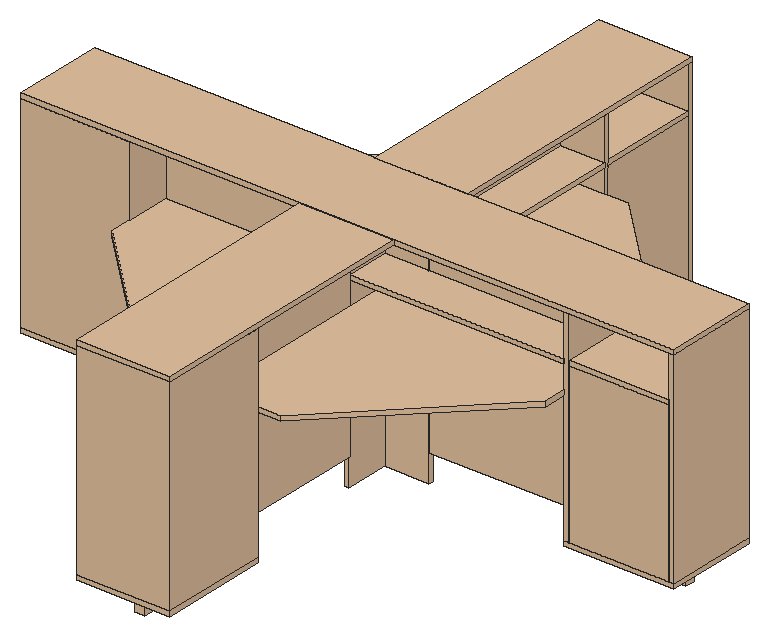
Revit family
Parameters
  Material of Carrel = Carrel Material
  Height = 1000 mm
  Height-Table = 700 mm
  Width = 400 mm
  Length = 930 mm
Reference planes
  plane 1 "Light Source Axis (F/B)": y = -375.68
  plane 2: z = 0
  plane 3 "Light Source Axis (L/R)": x = -1112.88
  plane 4 "Light Source Elevation": z = 900
  plane 5 "Center(Left/Right)": x = -372.88
  plane 6 "Center(Front/Back)": y = -275.68
  plane 7: x = -172.88
  plane 8: x = -572.88
  plane 9: y = -75.68
  plane 10: y = -475.68
  plane 11: y = 1124.32
  plane 12: y = -1675.68
  plane 13: x = -1772.88
  plane 14: x = 1027.12
  plane 15: z = 1000
  plane 16: z = 700
  plane 17: x = -1302.88
  plane 18: x = 557.12
  plane 19: y = 654.32
  plane 20: y = -1205.68
Forms (mm)
  Extrusion 1, solid, material "Carrel Material" <- "Material of Carrel"
    sketch origin (0, 0, 0) x (1, 0, 0) y (0, 1, 0)
      loop
        line (-1772.88, -75.68) -> (-1772.88, -475.68) -> (1027.12, -475.68) -> (1027.12, -75.68) -> (-1772.88, -75.68)
    from 1000 to 1020
  Extrusion 2, solid, material "Carrel Material" <- "Material of Carrel"
    sketch origin (0, 0, 0) x (1, 0, 0) y (0, 1, 0)
      loop
        line (-572.88, 1124.32) -> (-572.88, -75.68) -> (-172.88, -75.68) -> (-172.88, 1124.32) -> (-572.88, 1124.32)
      loop
        line (-572.88, -475.68) -> (-572.88, -1675.68) -> (-172.88, -1675.68) -> (-172.88, -475.68) -> (-572.88, -475.68)
    from 1000 to 1020
  Extrusion 3, solid, material "Carrel Material" <- "Material of Carrel"
    sketch origin (0, 0, 0) x (1, 0, 0) y (0, 1, 0)
      loop
        line (-572.88, -1675.68) -> (-172.88, -1675.68) -> (-172.88, -1205.68) -> (-362.88, -1205.68) -> (-362.88, -475.68) -> (-382.88, -475.68) -> (-382.88, -1205.68) -> (-572.88, -1205.68) -> (-572.88, -1225.68) -> (-192.88, -1225.68) -> (-192.88, -1655.68) -> (-572.88, -1655.68) -> (-572.88, -1675.68)
      loop
        line (-1772.88, -75.68) -> (-1772.88, -475.68) -> (-1302.88, -475.68) -> (-1302.88, -285.68) -> (-572.88, -285.68) -> (-572.88, -265.68) -> (-1302.88, -265.68) -> (-1302.88, -75.68) -> (-1322.88, -75.68) -> (-1322.88, -455.68) -> (-1752.88, -455.68) -> (-1752.88, -75.68) -> (-1772.88, -75.68)
      loop
        line (-172.88, 1124.32) -> (-572.88, 1124.32) -> (-572.88, 654.32) -> (-382.88, 654.32) -> (-382.88, -75.68) -> (-362.88, -75.68) -> (-362.88, 654.32) -> (-172.88, 654.32) -> (-172.88, 674.32) -> (-552.88, 674.32) -> (-552.88, 1104.32) -> (-172.88, 1104.32) -> (-172.88, 1124.32)
      loop
        line (557.12, -75.68) -> (557.12, -265.68) -> (-172.88, -265.68) -> (-172.88, -285.68) -> (557.12, -285.68) -> (557.12, -475.68) -> (576.138, -475.68) -> (576.138, -95.68) -> (1007.12, -95.68) -> (1007.12, -475.68) -> (1027.12, -475.68) -> (1027.12, -75.68) -> (557.12, -75.68)
    from 120 to 1000
  Extrusion 4, solid, material "Carrel Material" <- "Material of Carrel"
    sketch origin (0, 0, 0) x (1, 0, 0) y (0, 1, 0)
      loop
        line (-392.88, -1275.68) -> (-392.88, -1585.68) -> (-352.88, -1585.68) -> (-352.88, -1275.68) -> (-392.88, -1275.68)
      loop
        line (-392.88, 724.32) -> (-352.88, 724.32) -> (-352.88, 1034.32) -> (-392.88, 1034.32) -> (-392.88, 724.32)
      loop
        line (936.629, -295.68) -> (936.629, -255.68) -> (626.629, -255.68) -> (626.629, -295.68) -> (936.629, -295.68)
      loop
        line (-1682.39, -295.68) -> (-1372.39, -295.68) -> (-1372.39, -255.68) -> (-1682.39, -255.68) -> (-1682.39, -295.68)
    from 0 to 100
  Extrusion 5, solid, material "Carrel Material" <- "Material of Carrel"
    sketch origin (0, 0, 700) x (-1, 0, 0) y (0, 1, 0)
      loop
        line (362.88, -1205.68) -> (362.88, -285.68) -> (-557.12, -285.68) -> (-557.12, -575.68) -> (72.88, -1205.68) -> (362.88, -1205.68)
      loop
        line (362.88, 654.32) -> (72.88, 654.32) -> (-557.12, 24.32) -> (-557.12, -265.68) -> (362.88, -265.68) -> (362.88, 654.32)
      loop
        line (382.88, 654.32) -> (382.88, -265.68) -> (1302.88, -265.68) -> (1302.88, 24.32) -> (672.88, 654.32) -> (382.88, 654.32)
      loop
        line (382.88, -1205.68) -> (672.88, -1205.68) -> (1302.88, -575.68) -> (1302.88, -285.68) -> (382.88, -285.68) -> (382.88, -1205.68)
    from 0 to 20
  Extrusion 6, solid, material "Carrel Material" <- "Material of Carrel"
    sketch origin (0, 0, 0) x (1, 0, 0) y (0, 1, 0)
      loop
        line (-572.88, -265.68) -> (-572.88, -285.68) -> (-382.88, -285.68) -> (-382.88, -475.68) -> (-362.88, -475.68) -> (-362.88, -285.68) -> (-172.88, -285.68) -> (-172.88, -265.68) -> (-362.88, -265.68) -> (-362.88, -75.68) -> (-382.88, -75.68) -> (-382.88, -265.68) -> (-572.88, -265.68)
    from 0 to 1000
  Extrusion 7, solid, material "Carrel Material" <- "Material of Carrel"
    sketch origin (0, 0, 0) x (1, 0, 0) y (0, 1, 0)
      loop
        line (-1772.88, -75.68) -> (-1772.88, -475.68) -> (-1302.88, -475.68) -> (-1302.88, -75.68) -> (-1772.88, -75.68)
      loop
        line (-572.88, 1124.32) -> (-572.88, 654.32) -> (-172.88, 654.32) -> (-172.88, 1124.32) -> (-572.88, 1124.32)
      loop
        line (557.12, -75.68) -> (557.12, -475.68) -> (1027.12, -475.68) -> (1027.12, -75.68) -> (557.12, -75.68)
      loop
        line (-572.88, -1205.68) -> (-572.88, -1675.68) -> (-172.88, -1675.68) -> (-172.88, -1205.68) -> (-572.88, -1205.68)
    from 100 to 120
  Extrusion 8, solid, material "Carrel Material" <- "Material of Carrel"
    sketch origin (0, 0, 700) x (-1, 0, 0) y (0, 1, 0)
      loop
        line (572.88, -285.68) -> (382.88, -285.68) -> (382.88, -1205.68) -> (572.88, -1205.68) -> (572.88, -285.68)
      loop
        line (1302.88, -75.68) -> (382.88, -75.68) -> (382.88, -265.68) -> (1302.88, -265.68) -> (1302.88, -75.68)
      loop
        line (172.88, 654.32) -> (172.88, -265.68) -> (362.88, -265.68) -> (362.88, 654.32) -> (172.88, 654.32)
      loop
        line (362.88, -475.68) -> (362.88, -285.68) -> (-557.12, -285.68) -> (-557.12, -475.68) -> (362.88, -475.68)
    from -100 to -120
  Extrusion 9, solid, material "Carrel Material" <- "Material of Carrel"
    sketch origin (0, 0, 0) x (1, 0, 0) y (0, 1, 0)
      loop
        line (-1752.88, -75.68) -> (-1752.88, -455.68) -> (-1322.88, -455.68) -> (-1322.88, -75.68) -> (-1752.88, -75.68)
      loop
        line (-552.88, 1104.32) -> (-552.88, 674.32) -> (-172.88, 674.32) -> (-172.88, 1104.32) -> (-552.88, 1104.32)
      loop
        line (-572.88, -1225.68) -> (-572.88, -1655.68) -> (-192.88, -1655.68) -> (-192.88, -1225.68) -> (-572.88, -1225.68)
      loop
        line (576.138, -95.68) -> (576.138, -475.68) -> (1007.12, -475.68) -> (1007.12, -95.68) -> (576.138, -95.68)
    from 800 to 820
  Extrusion 10, solid, material "Carrel Material" <- "Material of Carrel"
    sketch origin (0, 0, 0) x (1, 0, 0) y (0, 1, 0)
      loop
        line (-1752.88, -75.68) -> (-1752.88, -95.68) -> (-1322.88, -95.68) -> (-1322.88, -75.68) -> (-1752.88, -75.68)
      loop
        line (576.138, -475.68) -> (1007.12, -475.68) -> (1007.12, -455.68) -> (576.138, -455.68) -> (576.138, -475.68)
      loop
        line (-572.88, -1225.68) -> (-572.88, -1655.68) -> (-552.88, -1655.68) -> (-552.88, -1225.68) -> (-572.88, -1225.68)
      loop
        line (-172.88, 1104.32) -> (-192.88, 1104.32) -> (-192.88, 674.32) -> (-172.88, 674.32) -> (-172.88, 1104.32)
    from 120 to 800
Dimensions and locks
  equal spacing: plane 8, plane 5 "Center(Left/Right)", plane 7
  "Width": plane 8 to plane 7
  equal spacing: plane 10, plane 6 "Center(Front/Back)", plane 9
  "Width": plane 10 to plane 9
  "Height-Table": plane 16 to plane 2
  "Height": plane 15 to plane 2
  locked: Extrusion 1 to plane 15 at 20
  locked: Extrusion 2 to Extrusion 2 at 20
  locked: plane 13 to Extrusion 4 sketch curve at 90.491
  locked: Extrusion 4 sketch curve to Extrusion 4 sketch curve at 310
  Extrusion 4 sketch curve to Extrusion 4 sketch curve to plane 14 = 310 mm locked, 90.491 mm locked
  Extrusion 4 sketch curve to Extrusion 4 sketch curve to plane 11 = 310 mm locked, 90 mm locked
  Extrusion 4 sketch curve to Extrusion 4 sketch curve to plane 12 = 310 mm locked, 90 mm locked
  "Length": plane 17 to plane 5 "Center(Left/Right)"
  "Length": plane 5 "Center(Left/Right)" to plane 18
  locked: plane 13 to plane 17 at 470
  locked: plane 18 to plane 14 at 470
  locked: plane 19 to plane 11 at 470
  locked: plane 12 to plane 20 at 470
  "Length": plane 6 "Center(Front/Back)" to plane 19
  "Length": plane 6 "Center(Front/Back)" to plane 20
  locked: plane 9 to Extrusion 5 sketch curve at 100  (x2)
  locked: Extrusion 5 sketch curve to plane 10 at 100  (x2)
  locked: Extrusion 5 sketch curve to plane 8 at 100  (x2)
  locked: plane 7 to Extrusion 5 sketch curve at 100  (x2)
  aligned and locked: plane 13 to Extrusion 1 sketch curve
  aligned and locked: Extrusion 1 sketch curve to plane 9
  aligned and locked: plane 10 to Extrusion 1 sketch curve
  aligned and locked: Extrusion 1 sketch curve to plane 14
  aligned and locked: plane 8 to Extrusion 2 sketch curve
  aligned and locked: plane 11 to Extrusion 2 sketch curve
  aligned and locked: plane 9 to Extrusion 2 sketch curve
  aligned and locked: Extrusion 2 sketch curve to plane 7
  aligned and locked: Extrusion 2 sketch curve to plane 8
  aligned and locked: Extrusion 2 sketch curve to plane 10
  aligned and locked: plane 12 to Extrusion 2 sketch curve
  aligned and locked: plane 7 to Extrusion 2 sketch curve
  aligned and locked: Extrusion 2 to Extrusion 3 sketch curve  (x5)
  aligned and locked: Extrusion 3 sketch curve to Extrusion 2  (x4)
  aligned and locked: Extrusion 1 to Extrusion 3 sketch curve  (x2)
  aligned and locked: Extrusion 3 sketch curve to Extrusion 1  (x3)
  aligned and locked: Extrusion 3 to plane 15
  aligned and locked: Extrusion 1 to plane 13
  aligned and locked: plane 14 to Extrusion 1
  aligned and locked: Extrusion 2 to plane 11
  aligned and locked: plane 12 to Extrusion 2
  aligned and locked: Extrusion 3 to Extrusion 1
  aligned and locked: Extrusion 3 sketch curve to Extrusion 3 sketch curve
  aligned and locked: Extrusion 3 sketch curve to plane 8
  aligned and locked: plane 8 to Extrusion 3 sketch curve
  aligned and locked: Extrusion 5 sketch curve to Extrusion 3  (x8)
  aligned and locked: Extrusion 6 sketch curve to Extrusion 3  (x11)
  aligned and locked: Extrusion 3 to Extrusion 6 sketch curve  (x4)
  aligned and locked: Extrusion 6 sketch curve to Extrusion 5  (x3)
  aligned and locked: Extrusion 6 to plane 15
  aligned and locked: Extrusion 1 to Extrusion 2
  aligned and locked: plane 17 to Extrusion 5 sketch curve
  aligned and locked: plane 18 to Extrusion 5 sketch curve
  aligned and locked: Extrusion 3 sketch curve to plane 18
  aligned and locked: plane 18 to Extrusion 3 sketch curve
  aligned and locked: Extrusion 3 to Extrusion 5 sketch curve  (x3)
  aligned and locked: plane 20 to Extrusion 3
  aligned and locked: Extrusion 3 sketch curve to plane 19
  aligned and locked: plane 19 to Extrusion 3 sketch curve
  aligned and locked: Extrusion 7 sketch curve to Extrusion 1  (x3)
  aligned and locked: Extrusion 3 to Extrusion 7 sketch curve  (x2)
  aligned and locked: Extrusion 7 sketch curve to Extrusion 3  (x6)
  aligned and locked: Extrusion 7 sketch curve to Extrusion 2  (x3)
  aligned and locked: Extrusion 1 to Extrusion 7 sketch curve
  aligned and locked: Extrusion 2 to Extrusion 7 sketch curve
  aligned and locked: Extrusion 8 sketch curve to Extrusion 3
  aligned and locked: Extrusion 3 to Extrusion 8 sketch curve  (x3)
  aligned and locked: Extrusion 5 to Extrusion 8 sketch curve  (x3)
  aligned and locked: Extrusion 8 sketch curve to Extrusion 5  (x5)
  aligned and locked: Extrusion 7 to Extrusion 8 sketch curve  (x2)
  aligned and locked: Extrusion 8 sketch curve to Extrusion 7  (x2)
  aligned and locked: Extrusion 3 to Extrusion 9 sketch curve  (x3)
  aligned and locked: Extrusion 9 sketch curve to Extrusion 3  (x13)
  aligned and locked: Extrusion 3 to Extrusion 10 sketch curve  (x3)
  aligned and locked: Extrusion 10 sketch curve to Extrusion 9  (x3)
  aligned and locked: Extrusion 10 sketch curve to Extrusion 3  (x5)
  aligned and locked: Extrusion 9 to Extrusion 10 sketch curve
  aligned and locked: Extrusion 3 to Extrusion 10
  aligned and locked: Extrusion 10 to Extrusion 9
Automatic sketch dimensions
  plane 5 "Center(Left/Right)" to Extrusion 4 sketch curve = 20 mm  (x2)
  Extrusion 4 sketch curve to plane 5 "Center(Left/Right)" = 20 mm  (x2)
  Extrusion 4 sketch curve to plane 6 "Center(Front/Back)" = 20 mm  (x2)
  plane 6 "Center(Front/Back)" to Extrusion 4 sketch curve = 20 mm  (x2)
  Extrusion 3 sketch curve to plane 9 = 0 mm
  Extrusion 3 sketch curve to plane 17 = 0 mm
  Extrusion 3 sketch curve to plane 20 = 0 mm  (x2)
  Extrusion 3 sketch curve to plane 10 = 0 mm  (x2)
  Extrusion 3 sketch curve to plane 7 = 0 mm  (x3)
  Extrusion 3 sketch curve to Extrusion 3 sketch curve = 20 mm  (x3)
  Extrusion 3 sketch curve to plane 17 = 20 mm
  plane 8 to Extrusion 3 sketch curve = 20 mm
  plane 5 "Center(Left/Right)" to Extrusion 3 sketch curve = 10 mm  (x2)
  Extrusion 3 sketch curve to plane 5 "Center(Left/Right)" = 10 mm  (x2)
  Extrusion 3 sketch curve to plane 7 = 20 mm
  Extrusion 3 sketch curve to Extrusion 3 sketch curve = 19.019 mm
  Extrusion 3 sketch curve to plane 12 = 20 mm
  plane 20 to Extrusion 3 sketch curve = 20 mm
  Extrusion 3 sketch curve to plane 10 = 20 mm
  Extrusion 3 sketch curve to plane 6 "Center(Front/Back)" = 10 mm  (x2)
  plane 6 "Center(Front/Back)" to Extrusion 3 sketch curve = 10 mm  (x2)
  plane 9 to Extrusion 3 sketch curve = 20 mm
  plane 11 to Extrusion 3 sketch curve = 20 mm
  plane 6 "Center(Front/Back)" to Extrusion 5 sketch curve = 10 mm  (x2)
  Extrusion 5 sketch curve to plane 6 "Center(Front/Back)" = 10 mm
  plane 8 to Extrusion 10 sketch curve = 20 mm
  Extrusion 10 sketch curve to Extrusion 10 sketch curve = 20 mm  (x3)
